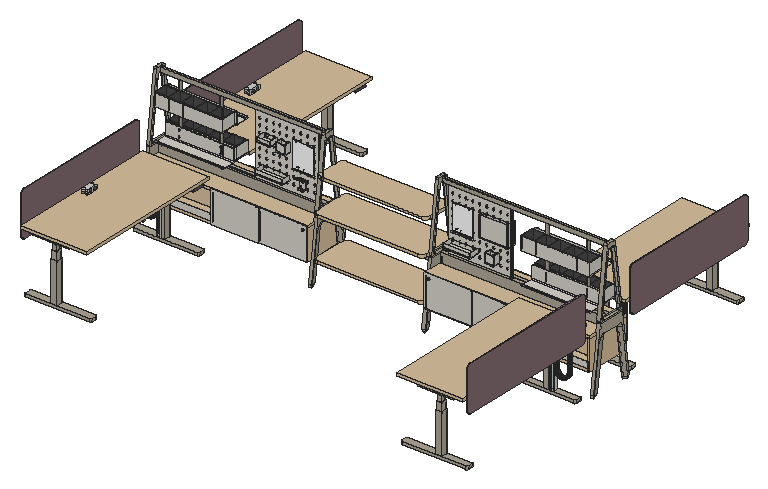
Revit family "Layout-Teknion-Expansion_Cityline_Upper_Structure_01-R2021", category Furniture Systems, Revit 2021 (continued)
Definition of nested family "Storage-Teknion-JZTBS_Laminate_Shelves_EZ_Upper_A_Frame_Mounted-R2021"
  Parameters (values of type "Three Shelves")
    Product Documentation Link = "https://www.teknion.com/pricing/expansion-cityline/pdfs/JZTBS_ppg.pdf"
    Part Number = "JZTBS"  # constant formula
    Model = "JZTBSC66__"
    Manufacturer Phone = "416-661-3370"  # constant formula
    Manufacturer Fax = "416.661.4586"  # constant formula
    Manufacturer Contact Information = "http://www.teknion.com/ca/contactus"
    Manufacturer Address = "1150 Flint Road, Toronto, ON. M3J 2J5. Canada"  # constant formula
    Manufacturer = "Teknion"  # constant formula
    How To Use Teknion Materials User Guide [instance] = "https://assets.teknion.com/m/205dd0a49fa58060/original/How-to-add-a-Material-Library-and-Texture-Images-to-your-Revit-project.pdf"
    Hardware Finish [instance] = none
    For Additional Finishes please visit [instance] = "https://assets.teknion.com/m/44a8009b046e5d47/original/Teknion_Materials_Library.zip"
    Description = "Laminate Shelves - EZ Upper A-Frame Mounted - Standard Height (28\") Beam Height, Three Shelves (66\" Datum Height)"
    Default Elevation = 0.000"
    Available Width [instance] = "48, 54, 60, 66, 72, 78 & 84 Inch"  # constant formula
    Assembly Code = "E2020200"
  Types (3): name | Top Shelves | Model | Description
    (no name) | yes | "JZTBSC66__" | "Laminate Shelves - EZ Upper A-Frame Mounted - Standard Height (28\") Beam Height, Three Shelves (66\" Datum Height)"
    Two Shelves | no | "JZTBSC57__" | "Laminate Shelves - EZ Upper A-Frame Mounted - Standard Height (28\") Beam Height, Two Shelves (57\" Datum Height)"
    Three Shelves | yes | "JZTBSC66__" | "Laminate Shelves - EZ Upper A-Frame Mounted - Standard Height (28\") Beam Height, Three Shelves (66\" Datum Height)"
  Reference planes (in)
    plane 1 "Center Front/Back": y = 0
    plane 2: z = 0
    plane 3 "Center Left/Right": x = 42
    plane 4 "Left": x = 0
    plane 5 "Right": x = 84
    plane 6 "Back": y = 9
    plane 7 "Front": y = -9
    plane 8 "Top": z = 57
  Forms (in)
    Sweep 1, solid, material <- "Shelf Finish"
      path origin (0, 0, 0) x (1, 0, 0) y (0, 0, 1)
        loop
          line (42, 28.18504) -> (42, 29.20079)
      profile origin (42, 0, 28.69291) x (-1, 0, 0) y (0, -1, 0)
        loop
          line (40, 9) -> (-40, 9)
          arc (-40, 9) -> (-41.41421, 8.41421) -> (-42, 7) r 2
          line (-42, 7) -> (-42, -7)
          arc (-42, -7) -> (-41.41421, -8.41421) -> (-40, -9) r 2
          line (-40, -9) -> (40, -9)
          arc (40, -9) -> (41.41421, -8.41421) -> (42, -7) r 2
          line (42, -7) -> (42, 7)
          arc (42, 7) -> (41.41421, 8.41421) -> (40, 9) r 2
    Sweep 2, solid, material <- "Hardware Finish"
      path origin (0, 0, 0) x (1, 0, 0) y (0, 1, 0)
        loop
          line (0, 0) -> (84, 0)
      profile origin (42, 0, 0) x (0, 1, 0) y (0, 0, 1)
        loop
          line (3.48848, 42.08465) -> (3.6051, 41.19882) -> (4.11529, 41.19882) -> (3.99867, 42.08465) -> (3.48848, 42.08465)
        loop
          line (-3.48848, 42.08465) -> (-3.99867, 42.08465) -> (-4.11529, 41.19882) -> (-3.6051, 41.19882) -> (-3.48848, 42.08465)
    Sweep 3, solid, material <- "Shelf Finish"
      path origin (0, 0, 0) x (1, 0, 0) y (0, 0, 1)
        loop
          line (42, 43.10039) -> (42, 42.08465)
      profile origin (42, 0, 42.59252) x (0, -1, 0) y (1, 0, 0)
        loop
          line (-7, 40) -> (-7, -40)
          arc (-7, -40) -> (-6.41421, -41.41421) -> (-5, -42) r 2
          line (-5, -42) -> (5, -42)
          arc (5, -42) -> (6.41421, -41.41421) -> (7, -40) r 2
          line (7, -40) -> (7, 40)
          arc (7, 40) -> (6.41421, 41.41421) -> (5, 42) r 2
          line (5, 42) -> (-5, 42)
          arc (-5, 42) -> (-6.41421, 41.41421) -> (-7, 40) r 2
    Sweep 4, solid, material <- "Hardware Finish"
      path origin (0, 0, 0) x (1, 0, 0) y (0, 1, 0)
        loop
          line (-0.3937, 0) -> (0, 0)
      profile origin (-0.19685, 0, 0) x (0, 1, 0) y (0, 0, 1)
        loop
          circle (-3.80188, 41.64023) r 0.15746
        loop
          circle (3.80188, 41.64173) r 0.15748
    Sweep 5, solid, material <- "Hardware Finish"
      path origin (0, 0, 0) x (1, 0, 0) y (0, 1, 0)
        loop
          line (84, 0) -> (84.3937, 0)
      profile origin (84.19685, 0, 0) x (0, 1, 0) y (0, 0, 1)
        loop
          circle (-3.80188, 41.64023) r 0.15746
        loop
          circle (3.80188, 41.64173) r 0.15748
    Sweep 6, solid, material <- "Shelf Finish", visible <- "Top Shelves"
      path origin (0, 0, 0) x (1, 0, 0) y (0, 0, 1)
        loop
          line (42, 57) -> (42, 55.98425)
      profile origin (42, 0, 56.49213) x (0, -1, 0) y (1, 0, 0)
        loop
          line (-5, 40) -> (-5, -40)
          arc (-5, -40) -> (-4.41421, -41.41421) -> (-3, -42) r 2
          line (-3, -42) -> (3, -42)
          arc (3, -42) -> (4.41421, -41.41421) -> (5, -40) r 2
          line (5, -40) -> (5, 40)
          arc (5, 40) -> (4.41421, 41.41421) -> (3, 42) r 2
          line (3, 42) -> (-3, 42)
          arc (-3, 42) -> (-4.41421, 41.41421) -> (-5, 40) r 2
    Sweep 7, solid, material <- "Hardware Finish", visible <- "Top Shelves"
      path origin (0, 0, 0) x (1, 0, 0) y (0, 1, 0)
        loop
          line (0, 0) -> (84, 0)
      profile origin (42, 0, 0) x (0, 1, 0) y (0, 0, 1)
        loop
          line (1.77518, 55.09843) -> (2.28537, 55.09843) -> (2.16875, 55.98425) -> (1.65856, 55.98425) -> (1.77518, 55.09843)
        loop
          line (-2.28537, 55.09843) -> (-1.77518, 55.09843) -> (-1.65856, 55.98425) -> (-2.16875, 55.98425) -> (-2.28537, 55.09843)
    Sweep 8, solid, material <- "Hardware Finish", visible <- "Top Shelves"
      path origin (0, 0, 0) x (1, 0, 0) y (0, 1, 0)
        loop
          line (-0.3937, 0) -> (0, 0)
      profile origin (-0.19685, 0, 0) x (0, 1, 0) y (0, 0, 1)
        loop
          circle (1.97196, 55.54134) r 0.15748
        loop
          circle (-1.97196, 55.54134) r 0.15748
    Sweep 9, solid, material <- "Hardware Finish", visible <- "Top Shelves"
      path origin (0, 0, 0) x (1, 0, 0) y (0, 1, 0)
        loop
          line (84.3937, 0) -> (84, 0)
      profile origin (84.19685, 0, 0) x (0, -1, 0) y (0, 0, 1)
        loop
          circle (1.97196, 55.54134) r 0.15748
        loop
          circle (-1.97196, 55.54134) r 0.15748
  Cuts and joins
    joined: Sweep 7, Sweep 8, Sweep 9
    joined: Sweep 2, Sweep 4, Sweep 5
  Lines and regions (in)
    Masking region 1
      outline origin (0, 0, 0) x (1, 0, 0) y (0, 1, 0)
        loop
          line (2, -9) -> (82, -9)
          arc (82, -9) -> (83.41421, -8.41421) -> (84, -7) r 2
          line (84, -7) -> (84, -3.95934) -> (84.3937, -3.95934) -> (84.3937, -3.64442) -> (84, -3.64442) -> (84, 3.6444) -> (84.3937, 3.6444) -> (84.3937, 3.95936) -> (84, 3.95936) -> (84, 7)
          arc (84, 7) -> (83.41421, 8.41421) -> (82, 9) r 2
          line (82, 9) -> (2, 9)
          arc (2, 9) -> (0.58579, 8.41421) -> (0, 7) r 2
          line (0, 7) -> (0, 3.95936) -> (-0.3937, 3.95936) -> (-0.3937, 3.6444) -> (0, 3.6444) -> (0, -3.64442) -> (-0.3937, -3.64442) -> (-0.3937, -3.95934) -> (0, -3.95934) -> (0, -7)
          arc (0, -7) -> (0.58579, -8.41421) -> (2, -9) r 2
    Masking region 2, visible <- "Top Shelves"
      outline origin (0, 0, 0) x (1, 0, 0) y (0, 1, 0)
        loop
          line (84, 2.12944) -> (84, 1.81448) -> (84.3937, 1.81448) -> (84.3937, 2.12944) -> (84, 2.12944)
        loop
          line (84, -2.12944) -> (84.3937, -2.12944) -> (84.3937, -1.81448) -> (84, -1.81448) -> (84, -2.12944)
        loop
          line (-0.3937, 2.12944) -> (-0.3937, 1.81448) -> (0, 1.81448) -> (0, 2.12944) -> (-0.3937, 2.12944)
        loop
          line (-0.3937, -1.81448) -> (-0.3937, -2.12944) -> (0, -2.12944) -> (0, -1.81448) -> (-0.3937, -1.81448)
    symbolic lines
      curve 1: line (0, 7, 0) -> (0, -7, 0)
      curve 2: line (84, -7, 0) -> (84, 7, 0)
      curve 3: line (82, 7, 0) -> (2, 7, 0)
      curve 4: arc (2, 7, 0) -> (0.58579, 6.41421, 0) -> (0, 5, 0) r 2
      curve 5: arc (84, 5, 0) -> (83.41421, 6.41421, 0) -> (82, 7, 0) r 2
      curve 6: line (2, -7, 0) -> (82, -7, 0)
      curve 7: arc (0, -5, 0) -> (0.58579, -6.41421, 0) -> (2, -7, 0) r 2
      curve 8: arc (82, -7, 0) -> (83.41421, -6.41421, 0) -> (84, -5, 0) r 2
    symbolic lines, detail levels medium+fine
      curve 9: line (84, 4.11529, 0) -> (0, 4.11529, 0)
      curve 10: line (84, 3.99867, 0) -> (0, 3.99867, 0)
      curve 11: line (84, 3.48848, 0) -> (0, 3.48848, 0)
      curve 12: line (0, 3.6051, 0) -> (84, 3.6051, 0)
      curve 13: line (84, -4.11529, 0) -> (0, -4.11529, 0)
      curve 14: line (0, -3.99867, 0) -> (84, -3.99867, 0)
      curve 15: line (84, -3.6051, 0) -> (0, -3.6051, 0)
      curve 16: line (84, -3.48848, 0) -> (0, -3.48848, 0)
    symbolic lines, visible <- "Top Shelves", detail levels medium+fine
      curve 17: line (0, 2.28537, 0) -> (84, 2.28537, 0)
      curve 18: line (84, 2.16875, 0) -> (0, 2.16875, 0)
      curve 19: line (84, 1.65856, 0) -> (0, 1.65856, 0)
      curve 20: line (84, 1.77518, 0) -> (0, 1.77518, 0)
      curve 21: line (84, -2.16875, 0) -> (0, -2.16875, 0)
      curve 22: line (84, -2.28537, 0) -> (0, -2.28537, 0)
      curve 23: line (84, -1.65856, 0) -> (0, -1.65856, 0)
      curve 24: line (0, -1.77518, 0) -> (84, -1.77518, 0)
    symbolic lines, visible <- "Top Shelves"
      curve 25: line (82, 5, 0) -> (2, 5, 0)
      curve 26: line (2, -5, 0) -> (82, -5, 0)
      curve 27: arc (2, 5, 0) -> (0.58579, 4.41421, 0) -> (0, 3, 0) r 2
      curve 28: arc (0, -3, 0) -> (0.58579, -4.41421, 0) -> (2, -5, 0) r 2
      curve 29: arc (82, -5, 0) -> (83.41421, -4.41421, 0) -> (84, -3, 0) r 2
      curve 30: arc (84, 3, 0) -> (83.41421, 4.41421, 0) -> (82, 5, 0) r 2
    reference lines
      curve 31: line (0, -9, 0) -> (84, -9, 0)
      curve 32: line (0, 9, 0) -> (0, -9, 0)
      curve 33: line (0, 9, 0) -> (84, 9, 0)
      curve 34: line (84, 9, 0) -> (84, -9, 0)
  Dimensions and locks (in)
    "Width": plane 4 "Left" to plane 5 "Right"
    locked: plane 6 "Back" to plane 7 "Front" at 18
    locked: plane 8 "Top" to level at 57
    equal spacing: plane 6 "Back", plane 1 "Center Front/Back", plane 7 "Front"
    equal spacing: plane 4 "Left", plane 3 "Center Left/Right", plane 5 "Right"
    Sweep 1 sketch curve to Sweep 1 sketch curve to plane 2 = 1.01575" locked, 28.18504" locked
    locked: plane 4 "Left" to Sweep 1 sketch curve at 2  (x2)
    locked: Sweep 1 sketch curve to plane 5 "Right" at 2  (x2)
    locked: plane 6 "Back" to Sweep 1 sketch curve at 2  (x2)
    locked: plane 7 "Front" to Sweep 1 sketch curve at 2  (x2)
    Sweep 2 sketch curve to Sweep 2 sketch curve to plane 2 = 0.88583" locked, 41.19882" locked
    Sweep 2 sketch curve to Sweep 2 sketch curve to Sweep 2 sketch curve to Sweep 2 sketch curve to plane 1 "Center Front/Back" to Sweep 2 sketch curve to Sweep 2 sketch curve to Sweep 2 sketch curve to Sweep 2 sketch curve = 0.11662" locked, 0.39357" locked, 0.11662" locked, 3.48848" locked, 3.48848" locked, 0.11662" locked, 0.39357" locked, 0.11662" locked
    Sweep 3 sketch curve to Sweep 3 sketch curve to plane 2 = 1.01575" locked, 42.08465" locked
    Sweep 3 sketch curve to plane 1 "Center Front/Back" to Sweep 3 sketch curve = 7.000" locked, 7.000" locked
    locked: plane 4 "Left" to Sweep 3 sketch curve at 2  (x2)
    Sweep 3 sketch curve to plane 1 "Center Front/Back" to Sweep 3 sketch curve = 5.000" locked, 5.000" locked  (x2)
    locked: Sweep 3 sketch curve to plane 5 "Right" at 2  (x2)
    locked: Sweep 4 sketch curve to plane 4 "Left" at 0.3937
    locked: Sweep 4 sketch curve to plane 2 at 41.64173
    locked: Sweep 4 sketch curve to plane 2 at 41.64023
    Sweep 4 sketch curve to plane 1 "Center Front/Back" to Sweep 4 sketch curve = 3.80188" locked, 3.80188" locked
    locked: plane 5 "Right" to Sweep 5 sketch curve at 0.3937
    Sweep 5 sketch curve to plane 1 "Center Front/Back" to Sweep 5 sketch curve = 3.80188" locked, 3.80188" locked
    locked: Sweep 5 sketch curve to plane 2 at 41.64023
    locked: Sweep 5 sketch curve to plane 2 at 41.64173
    locked: plane 8 "Top" to Sweep 6 sketch curve at 1.01575
    Sweep 6 sketch curve to plane 1 "Center Front/Back" to Sweep 6 sketch curve = 5.000" locked, 5.000" locked
    locked: plane 4 "Left" to Sweep 6 sketch curve at 2  (x2)
    locked: Sweep 6 sketch curve to plane 5 "Right" at 2  (x2)
    Sweep 6 sketch curve to plane 1 "Center Front/Back" to Sweep 6 sketch curve = 3.000" locked, 3.000" locked  (x2)
    Sweep 7 sketch curve to Sweep 7 sketch curve to plane 2 = 0.88583" locked, 55.09843" locked
    Sweep 7 sketch curve to Sweep 7 sketch curve to Sweep 7 sketch curve to Sweep 7 sketch curve to plane 1 "Center Front/Back" to Sweep 7 sketch curve to Sweep 7 sketch curve to Sweep 7 sketch curve to Sweep 7 sketch curve = 0.11662" locked, 0.39357" locked, 0.11662" locked, 1.65856" locked, 1.65856" locked, 0.11662" locked, 0.39357" locked, 0.11662" locked
    locked: Sweep 8 sketch curve to plane 4 "Left" at 0.3937
    Sweep 8 sketch curve to plane 1 "Center Front/Back" to Sweep 8 sketch curve = 1.97196" locked, 1.97196" locked
    locked: Sweep 8 sketch curve to plane 2 at 55.54134  (x2)
    locked: plane 5 "Right" to Sweep 9 sketch curve at 0.3937
    Sweep 9 sketch curve to plane 1 "Center Front/Back" to Sweep 9 sketch curve = 1.97196" locked, 1.97196" locked
    locked: Sweep 9 sketch curve to plane 2 at 55.54134  (x2)
    aligned and locked: level to plane 2
    aligned and locked: plane 3 "Center Left/Right" to Sweep 1 sketch curve
    aligned and locked: plane 6 "Back" to Sweep 1 sketch curve
    aligned and locked: plane 7 "Front" to Sweep 1 sketch curve
    aligned and locked: Sweep 1 sketch curve to plane 4 "Left"
    aligned and locked: Sweep 1 sketch curve to plane 5 "Right"
    aligned and locked: plane 1 "Center Front/Back" to Sweep 2 sketch curve
    aligned and locked: plane 4 "Left" to Sweep 2 sketch curve
    aligned and locked: plane 5 "Right" to Sweep 2 sketch curve
    aligned and locked: Sweep 2 sketch curve to Sweep 2 sketch curve  (x2)
    aligned and locked: Sweep 3 sketch curve to plane 3 "Center Left/Right"
    aligned and locked: Sweep 3 sketch curve to plane 4 "Left"
    aligned and locked: Sweep 3 sketch curve to plane 5 "Right"
    aligned and locked: plane 4 "Left" to Sweep 4 sketch curve
    aligned and locked: Sweep 4 sketch curve to plane 1 "Center Front/Back"
    aligned and locked: plane 1 "Center Front/Back" to Sweep 5 sketch curve
    aligned and locked: plane 5 "Right" to Sweep 5 sketch curve
    aligned and locked: Sweep 6 sketch curve to plane 3 "Center Left/Right"
    aligned and locked: plane 8 "Top" to Sweep 6 sketch curve
    aligned and locked: Sweep 6 sketch curve to plane 4 "Left"
    aligned and locked: Sweep 6 sketch curve to plane 5 "Right"
    aligned and locked: plane 1 "Center Front/Back" to Sweep 7 sketch curve
    aligned and locked: plane 4 "Left" to Sweep 7 sketch curve
    aligned and locked: plane 5 "Right" to Sweep 7 sketch curve
    aligned and locked: Sweep 7 sketch curve to Sweep 7 sketch curve  (x2)
    aligned and locked: plane 4 "Left" to Sweep 8 sketch curve
    aligned and locked: Sweep 8 sketch curve to plane 1 "Center Front/Back"
    aligned and locked: plane 5 "Right" to Sweep 9 sketch curve
    aligned and locked: Sweep 9 sketch curve to plane 1 "Center Front/Back"
    aligned and locked: Masking region 1 sketch curve to Sweep 1  (x4)
    aligned and locked: Sweep 3 to Masking region 1 sketch curve  (x2)
    aligned and locked: Sweep 1 to Masking region 1 sketch curve
    aligned and locked: Masking region 1 sketch curve to Sweep 4  (x5)
    aligned and locked: Sweep 4 to Masking region 1 sketch curve
    aligned and locked: curve 4 to Sweep 3
    aligned and locked: curve 5 to Sweep 3
    aligned and locked: curve 7 to Sweep 3
    aligned and locked: curve 8 to Sweep 3
    aligned and locked: curve 9 to Sweep 2
    aligned and locked: curve 10 to Sweep 2
    aligned and locked: curve 11 to Sweep 2
    aligned and locked: curve 12 to Sweep 2
    aligned and locked: curve 13 to Sweep 2
    aligned and locked: curve 14 to Sweep 2
    aligned and locked: curve 15 to Sweep 2
    aligned and locked: curve 16 to Sweep 2
    aligned and locked: nested 1 to plane 1 "Center Front/Back"
    aligned and locked: plane 4 "Left" to nested 1
    aligned and locked: plane 1 "Center Front/Back" to nested 2
    aligned and locked: nested 2 to plane 5 "Right"
    aligned and locked: curve 17 to Sweep 7
    aligned and locked: curve 18 to Sweep 7
    aligned and locked: curve 19 to Sweep 7
    aligned and locked: curve 20 to Sweep 7
    aligned and locked: curve 21 to Sweep 7
    aligned and locked: curve 22 to Sweep 7
    aligned and locked: curve 23 to Sweep 7
    aligned and locked: curve 24 to Sweep 7
    aligned and locked: curve 27 to Sweep 6
    aligned and locked: curve 28 to Sweep 6
    aligned and locked: curve 29 to Sweep 6
    aligned and locked: curve 30 to Sweep 6
    aligned and locked: Masking region 2 sketch curve to plane 4 "Left"  (x2)
    aligned and locked: Masking region 2 sketch curve to Sweep 8  (x5)
    aligned and locked: Sweep 8 to Masking region 2 sketch curve
    aligned and locked: plane 5 "Right" to Masking region 2 sketch curve
    aligned and locked: Masking region 2 sketch curve to plane 5 "Right"
    aligned and locked: Masking region 2 sketch curve to Sweep 9  (x6)
    aligned and locked: plane 7 "Front" to curve 31
    aligned and locked: curve 32 to plane 4 "Left"
    aligned and locked: curve 33 to plane 6 "Back"
    aligned and locked: curve 34 to plane 5 "Right"
    aligned and locked: Masking region 1 sketch curve to cut or joined group of Sweep 2, Sweep 4, Sweep 5  (x6)
  Automatic sketch dimensions
    Sweep 4 sketch curve to Sweep 4 sketch curve = 0.0015"
    Sweep 4 sketch curve to Sweep 4 sketch curve = 0.15746"
    Sweep 4 sketch curve to Sweep 4 sketch curve = 0.15748"
    Sweep 4 sketch curve to Sweep 4 sketch curve = 0.000"  (x3)
    Sweep 5 sketch curve to Sweep 5 sketch curve = 0.15746"
    Sweep 5 sketch curve to Sweep 5 sketch curve = 0.000"  (x4)
    Sweep 5 sketch curve to Sweep 5 sketch curve = 0.15748"
    Sweep 8 sketch curve to Sweep 8 sketch curve = 0.15748"  (x2)
    Sweep 8 sketch curve to Sweep 8 sketch curve = 0.000"  (x4)
    Sweep 9 sketch curve to Sweep 9 sketch curve = 0.000"  (x4)
    Sweep 9 sketch curve to Sweep 9 sketch curve = 0.15748"  (x2)
    Masking region 1 sketch curve to plane 7 "Front" = 2.000"
    curve 1 to plane 7 "Front" = 2.000"
    curve 1 to plane 6 "Back" = 2.000"
    curve 2 to plane 7 "Front" = 2.000"
    curve 2 to plane 6 "Back" = 2.000"
  Nested families (in)
    nested 1: "Teknion_2D_Node_Family-R2016" at (0, 0, 0), type "Teknion_2D_Node_Family-R2016"
    nested 2: "Teknion_2D_Node_Family-R2016" at (84, 0, 0), type "Teknion_2D_Node_Family-R2016"
  Definition of nested family "Teknion_2D_Node_Family-R2016"
    Reference planes (in)
      plane 1 "Center (Front/Back)": y = 0
      plane 2: z = 0
      plane 3 "Center (Left/Right)": x = 0
    Lines and regions (in)
      detail lines, in view "Ref. Level"
        curve 1: circle (0, 0, 0) r 1.25 normal (0, 0, 1)
        curve 2: line (1.91508, -1.91508, 0) -> (-1.91508, 1.91508, 0)
        curve 3: line (-1.91508, -1.91508, 0) -> (1.91508, 1.91508, 0)
Definition of nested family "Desk_Structure-Teknion-JZSBB_EZ_Fence_Beam-R2021"
  Parameters (values of type "Power Only – Two Sides")
    Width [instance] = 84.000"
    Warranty = "http://www.teknion.com/ca/papers/legal-canada"
    Unit Weight URL = "http://www.teknion.com/ca/tools/assets#&asset=bee6a381-b954-425e-8283-5a2de3a804f2,f828d448-4b62-4231-9e5f-9a8991c0ed77"
    URL = "www.teknion.com"
    To render please download texture images found here [instance] = "https://assets.teknion.com/web/5e81352c1dfdb467/revit-material-swatches/"
    Sustainability Data = "https://www.teknion.com/ca/tools/assets#&topic=216f99a5-57a0-44fc-b10a-9dee9b29ae4c&asset=444deb64-fe58-4b68-981e-f75e97781df7,b4ff2d81-9f2e-437d-9659-7cffb09c31cf"
    Series = "Expansion Cityline"  # constant formula
    Screen Cut-Out [instance] = if([EZ Add-On Screen], 1.000", 0.500")  # 0.500"
    Right Power Opening Cut out [instance] = if(and(Right Opening Position, Power Opening, One sided Opening), 0.900", if(and(Right Opening Position, Power Opening, Two Sided Opening), 4.000", 0.100"))  # 4.000"
    Right Opening Position [instance] = yes
    Right Data Opening Cut out [instance] = if(and(Right Opening Position, Data Opening, One sided Opening), 0.900", if(and(Right Opening Position, Data Opening, Two Sided Opening), 4.000", 0.100"))  # 0.100"
    Product Page URL = "https://www.teknion.com/ca/products/product-details?productlineid=9ad2a26e-8e7a-673b-a6c8-ff05004460c4"
    Product Line = "EZ Fence Structure"  # constant formula
    Product Documentation Link = "https://www.teknion.com/pricing/expansion-cityline/pdfs/JZSBB_ppg.pdf"
    Power and Data Openning Option [instance] = "Please select one configuration below"  # constant formula
    Power Opening = yes
    Part Number = "JZSBB"  # constant formula
    Two Sided Opening = yes
    One sided Opening = no
    No Screen [instance] = not(or([EZ Add-On Screen], Lift & Drop Tile))  # no
    Model = "JZSBB___PT_"
    Manufacturer Phone = "416-661-3370"  # constant formula
    Manufacturer Fax = "416.661.4586"  # constant formula
    Manufacturer Contact Information = "http://www.teknion.com/ca/contactus"
    Manufacturer Address = "1150 Flint Road, Toronto, ON. M3J 2J5. Canada"  # constant formula
    Manufacturer = "Teknion"  # constant formula
    Lift & Drop Tile Cut-Out [instance] = if(Lift & Drop Tile, 85.000", 0.500")  # 85.000"
    Lift & Drop Tile [instance] = yes
    Left Power Opening Cut Out [instance] = if(and(Left Opening Position, Power Opening, One sided Opening), 0.900", if(and(Left Opening Position, Power Opening, Two Sided Opening), 4.000", 0.100"))  # 4.000"
    Left Opening Position [instance] = yes
    Left Data Opening Cut out [instance] = if(and(Left Opening Position, Data Opening, One sided Opening), 0.900", if(and(Left Opening Position, Data Opening, Two Sided Opening), 4.000", 0.090"))  # 0.090"
    How To Use Teknion Materials User Guide [instance] = "https://assets.teknion.com/m/205dd0a49fa58060/original/How-to-add-a-Material-Library-and-Texture-Images-to-your-Revit-project.pdf"
    For Additional Finishes please visit [instance] = "https://assets.teknion.com/m/44a8009b046e5d47/original/Teknion_Materials_Library.zip"
    Finish [instance] = none
    EZ Add-On Screen [instance] = no
    Description = "EZ Fence Beam, Power Only – Two Sides"
    Default Elevation = 0.000"
    Database Notes [instance] = "When Power and Data Opening (NN) is selected, then Opening Position C-L-R are not available. When Power and Data Opening (DO) - (DT) - (PO) - (PT) is selected, then Opening Position N is not available. When width 48-54-60 and Power and Data Opening (DO) - (DT) - (PO) - (PT) are selected, then Opening Position C is not available "  # constant formula
    Data Opening = no
    Configuration Option [instance] = "Please select one configuration below"  # constant formula
    Center Power Opening Cut Out [instance] = if(and(Center Opening Position, Power Opening, One sided Opening, Width > 60.000"), 0.900", if(and(Center Opening Position, Power Opening, Two Sided Opening, Width > 60.000"), 4.000", 0.100"))  # 4.000"
    Center Opening Position [instance] = yes
    Center Data Opening Cut Out [instance] = if(and(Center Opening Position, Data Opening, One sided Opening, Width > 60.000"), 0.900", if(and(Center Opening Position, Data Opening, Two Sided Opening, Width > 60.000"), 4.000", 0.090"))  # 0.090"
    Available Width [instance] = "48, 54, 60, 66,72, 78, 84 Inch"  # constant formula
    Assembly Code = "E2020200"
    Actual Width [instance] = Width + 0.157"  # 84.157"
    2D Right Power two sided opening [instance] = and(Power Opening, Right Opening Position, Two Sided Opening)  # yes
    2D Right Power one sided opening [instance] = or([2D Right Power two sided opening], and(Power Opening, Right Opening Position, One sided Opening))  # yes
    2D Right Data two sided opening [instance] = and(Data Opening, Right Opening Position, Two Sided Opening)  # no
    2D Right Data one sided opening [instance] = or([2D Right Data two sided opening], and(Data Opening, Right Opening Position, One sided Opening))  # no
    2D Left Power two sided opening [instance] = and(Power Opening, Left Opening Position, Two Sided Opening)  # yes
    2D Left Power one sided opening [instance] = or([2D Left Power two sided opening], and(Power Opening, Left Opening Position, One sided Opening))  # yes
    2D Left Data two sided opening [instance] = and(Data Opening, Left Opening Position, Two Sided Opening)  # no
    2D Left Data one sided opening [instance] = or([2D Left Data two sided opening], and(Data Opening, Left Opening Position, One sided Opening))  # no
    2D Center Data two sided opening [instance] = and(Data Opening, Center Opening Position, Two Sided Opening)  # no
    2D Center Data one sided opening [instance] = or([2D Center Data two sided opening], and(Data Opening, Center Opening Position, One sided Opening))  # no
    2D Center Power two sided opening [instance] = and(Power Opening, Center Opening Position, Two Sided Opening)  # yes
    2D Center Power one sided opening [instance] = or([2D Center Power two sided opening], and(Power Opening, Center Opening Position, One sided Opening))  # yes
  Types (6): name | Screen Cut-Out | Right Power Opening Cut out | Right Opening Position | Right Data Opening Cut out | Power Opening | Two Sided Opening | One sided Opening | No Screen | Model | Lift & Drop Tile Cut-Out | Lift & Drop Tile | Left Power Opening Cut Out | Left Opening Position | Left Data Opening Cut out | EZ Add-On Screen | Description | Data Opening | Center Power Opening Cut Out | Center Opening Position | Center Data Opening Cut Out | 2D Right Power two sided opening | 2D Right Power one sided opening | 2D Right Data two sided opening | 2D Right Data one sided opening | 2D Left Power two sided opening | 2D Left Power one sided opening | 2D Left Data two sided opening | 2D Left Data one sided opening | 2D Center Data two sided opening | 2D Center Data one sided opening | 2D Center Power two sided opening | 2D Center Power one sided opening
    (no name) | 0.500" | 4.000" | yes | 0.100" | yes | yes | no | no | "JZSBB___PT_" | 85.000" | yes | 4.000" | yes | 0.090" | no | "EZ Fence Beam, Power Only – Two Sides" | no | 4.000" | yes | 0.090" | yes | yes | no | no | yes | yes | no | no | no | no | yes | yes
    No Opening | 1.000" | 0.100" | no | 0.100" | no | no | no | no | "JZSBB___NN_" | 0.500" | no | 0.100" | no | 0.090" | yes | "EZ Fence Beam, No Opening" | no | 0.100" | no | 0.090" | no | no | no | no | no | no | no | no | no | no | no | no
    Power & Data – One Side | 0.500" | 0.900" | yes | 0.900" | yes | no | yes | no | "JZSBB___DO_" | 85.000" | yes | 0.900" | yes | 0.900" | no | "EZ Fence Beam, Power & Data – One Side" | yes | 0.100" | no | 0.090" | no | yes | no | yes | no | yes | no | yes | no | no | no | no
    Power & Data – Two Sides | 0.500" | 4.000" | yes | 4.000" | yes | yes | no | yes | "JZSBB___DT_" | 0.500" | no | 4.000" | yes | 4.000" | no | "EZ Fence Beam, Power & Data – Two Sides" | yes | 4.000" | yes | 4.000" | yes | yes | yes | yes | yes | yes | yes | yes | yes | yes | yes | yes
    Power Only – One Side | 0.500" | 0.900" | yes | 0.100" | yes | no | yes | no | "JZSBB___PO_" | 85.000" | yes | 0.900" | yes | 0.090" | no | "EZ Fence Beam, Power Only – One Side" | no | 0.900" | yes | 0.090" | no | yes | no | no | no | yes | no | no | no | no | no | yes
    Power Only – Two Sides | 0.500" | 4.000" | yes | 0.100" | yes | yes | no | no | "JZSBB___PT_" | 85.000" | yes | 4.000" | yes | 0.090" | no | "EZ Fence Beam, Power Only – Two Sides" | no | 4.000" | yes | 0.090" | yes | yes | no | no | yes | yes | no | no | no | no | yes | yes
  Reference planes (in)
    plane 1 "Center Front/Back": y = 0
    plane 2: z = 0
    plane 3 "Center Left/Right": x = 43.65748
    plane 4 "Left": x = 1.57898
    plane 5 "Right": x = 85.73598
    plane 6 "Back": y = 1.69291
    plane 7 "Front": y = -1.69291
    plane 8 "Top": z = 28.18504
  Forms (in)
    Sweep 1, solid, material <- "Finish"
      path origin (0, 0, 0) x (1, 0, 0) y (0, 1, 0)
        loop
          line (85.73598, 0) -> (1.57898, 0)
      profile origin (43.65748, 0, 0) x (0, -1, 0) y (0, 0, 1)
        loop
          line (-1.69291, 28.18504) -> (-1.69291, 23.3189) -> (-1.51575, 23.3189) -> (-1.51575, 27.37795) -> (-1.26575, 27.37795) -> (-1.26575, 27.63386) -> (1.26575, 27.63386) -> (1.26575, 27.37795) -> (1.51575, 27.37795) -> (1.51575, 23.3189) -> (1.69291, 23.3189) -> (1.69291, 28.18504) -> (-1.69291, 28.18504)
    Sweep 2, void
      path origin (0, 0, 0) x (1, 0, 0) y (0, 1, 0)
        loop
          line (85.73622, 0) -> (0.73622, 0)
      profile origin (43.23622, 0, 0) x (0, -1, 0) y (0, 0, 1)
        loop
          line (0.27559, 28.18504) -> (-0.27559, 28.18504) -> (-0.27559, 27.79134) -> (0.27559, 27.79134) -> (0.27559, 28.18504)
    Sweep 3, void
      path origin (0, 0, 0) x (1, 0, 0) y (0, 0, 1)
        loop
          line (43.65748, 28.19291) -> (43.65748, 28.69291)
      profile origin (43.65748, 0, 28.44291) x (-1, 0, 0) y (0, -1, 0)
        loop
          line (38.61417, -0.7874) -> (38.61417, 0.7874) -> (33.69291, 0.7874) -> (33.69291, -0.7874) -> (38.61417, -0.7874)
        loop
          line (2.46063, -0.7874) -> (2.46063, 0.7874) -> (-2.46063, 0.7874) -> (-2.46063, -0.7874) -> (2.46063, -0.7874)
        loop
          line (-33.69291, -0.7874) -> (-33.69291, 0.7874) -> (-38.61417, 0.7874) -> (-38.61417, -0.7874) -> (-33.69291, -0.7874)
    Sweep 4, solid
      path origin (0, 0, 0) x (1, 0, 0) y (0, 0, 1)
        loop
          line (6.02756, 27.25984) -> (6.02756, 27.37795)
      profile origin (6.02756, 0, 27.3189) x (-1, 0, 0) y (0, -1, 0)
        loop
          line (2.85433, -1.51575) -> (3.67411, -0.69597)
          arc (3.67411, -0.69597) -> (3.38573, 0) -> (3.67411, 0.69597) r 0.98402
          line (3.67411, 0.69597) -> (2.85433, 1.51575) -> (0, 1.51575) -> (0, -1.51575) -> (2.85433, -1.51575)
    Sweep 5, solid
      path origin (0, 0, -3.47244) x (1, 0, 0) y (0, 0, 1)
        loop
          line (6.02756, 27.25984) -> (6.02756, 27.37795)
      profile origin (6.02756, 0, 23.84646) x (-1, 0, 0) y (0, -1, 0)
        loop
          line (2.85433, -1.51575) -> (3.67411, -0.69597)
          arc (3.67411, -0.69597) -> (3.38573, 0) -> (3.67411, 0.69597) r 0.98402
          line (3.67411, 0.69597) -> (2.85433, 1.51575) -> (0, 1.51575) -> (0, -1.51575) -> (2.85433, -1.51575)
    Sweep 6, solid
      path origin (87.31496, 0, 0) x (-1, 0, 0) y (0, 0, 1)
        loop
          line (6.02756, 27.25984) -> (6.02756, 27.37795)
      profile origin (81.2874, 0, 27.3189) x (-1, 0, 0) y (0, -1, 0)
        loop
          line (-2.85433, -1.51575) -> (0, -1.51575) -> (0, 1.51575) -> (-2.85433, 1.51575) -> (-3.67411, 0.69597)
          arc (-3.67411, 0.69597) -> (-3.38573, 0) -> (-3.67411, -0.69597) r 0.98402
          line (-3.67411, -0.69597) -> (-2.85433, -1.51575)
    Sweep 7, solid
      path origin (87.31496, 0, -3.47244) x (-1, 0, 0) y (0, 0, 1)
        loop
          line (6.02756, 27.25984) -> (6.02756, 27.37795)
      profile origin (81.2874, 0, 23.84646) x (-1, 0, 0) y (0, -1, 0)
        loop
          line (-2.85433, -1.51575) -> (0, -1.51575) -> (0, 1.51575) -> (-2.85433, 1.51575) -> (-3.67411, 0.69597)
          arc (-3.67411, 0.69597) -> (-3.38573, 0) -> (-3.67411, -0.69597) r 0.98402
          line (-3.67411, -0.69597) -> (-2.85433, -1.51575)
    Sweep 8, void
      path origin (0, 0, 0) x (1, 0, 0) y (0, 1, 0)
        loop
          line (43.65748, -1.69313) -> (43.65748, -1.78313)
      profile origin (43.65748, -1.73813, 0) x (1, 0, 0) y (0, 0, 1)
        loop
          arc (-1.59449, 27.14173) -> (-1.678, 27.10714) -> (-1.7126, 27.02362) r 0.11811
          line (-1.7126, 27.02362) -> (-1.7126, 25.13386)
          arc (-1.7126, 25.13386) -> (-1.678, 25.05034) -> (-1.59449, 25.01575) r 0.11811
          line (-1.59449, 25.01575) -> (1.59449, 25.01575)
          arc (1.59449, 25.01575) -> (1.678, 25.05034) -> (1.7126, 25.13386) r 0.11811
          line (1.7126, 25.13386) -> (1.7126, 27.02362)
          arc (1.7126, 27.02362) -> (1.678, 27.10714) -> (1.59449, 27.14173) r 0.11811
          line (1.59449, 27.14173) -> (-1.59449, 27.14173)
    Sweep 9, void
      path origin (0, 0, 0) x (1, 0, 0) y (0, 1, 0)
        loop
          line (43.65748, 2.20691) -> (43.65748, -1.79309)
      profile origin (43.65748, 0.20691, 0) x (1, 0, 0) y (0, 0, 1)
        loop
          arc (-5.19882, 26.97441) -> (-5.28234, 26.93982) -> (-5.31693, 26.8563) r 0.11811
          line (-5.31693, 26.8563) -> (-5.31693, 25.26181)
          arc (-5.31693, 25.26181) -> (-5.28234, 25.17829) -> (-5.19882, 25.1437) r 0.11811
          line (-5.19882, 25.1437) -> (-2.50197, 25.1437)
          arc (-2.50197, 25.1437) -> (-2.41845, 25.17829) -> (-2.38386, 25.26181) r 0.11811
          line (-2.38386, 25.26181) -> (-2.38386, 26.8563)
          arc (-2.38386, 26.8563) -> (-2.41845, 26.93982) -> (-2.50197, 26.97441) r 0.11811
          line (-2.50197, 26.97441) -> (-5.19882, 26.97441)
        loop
          line (5.19882, 26.97441) -> (2.50197, 26.97441)
          arc (2.50197, 26.97441) -> (2.41845, 26.93982) -> (2.38386, 26.8563) r 0.11811
          line (2.38386, 26.8563) -> (2.38386, 25.26181)
          arc (2.38386, 25.26181) -> (2.41845, 25.17829) -> (2.50197, 25.1437) r 0.11811
          line (2.50197, 25.1437) -> (5.19882, 25.1437)
          arc (5.19882, 25.1437) -> (5.28234, 25.17829) -> (5.31693, 25.26181) r 0.11811
          line (5.31693, 25.26181) -> (5.31693, 26.8563)
          arc (5.31693, 26.8563) -> (5.28234, 26.93982) -> (5.19882, 26.97441) r 0.11811
    Sweep 10, void
      path origin (0, 0, 0) x (1, 0, 0) y (0, 1, 0)
        loop
          line (85.73598, -1.69309) -> (85.73598, -1.79309)
      profile origin (85.73598, -1.74309, 0) x (1, 0, 0) y (0, 0, 1)
        loop
          arc (-16.51551, 27.14173) -> (-16.59902, 27.10714) -> (-16.63362, 27.02362) r 0.11811
          line (-16.63362, 27.02362) -> (-16.63362, 25.13386)
          arc (-16.63362, 25.13386) -> (-16.59902, 25.05034) -> (-16.51551, 25.01575) r 0.11811
          line (-16.51551, 25.01575) -> (-13.32653, 25.01575)
          arc (-13.32653, 25.01575) -> (-13.24301, 25.05034) -> (-13.20842, 25.13386) r 0.11811
          line (-13.20842, 25.13386) -> (-13.20842, 27.02362)
          arc (-13.20842, 27.02362) -> (-13.24301, 27.10714) -> (-13.32653, 27.14173) r 0.11811
          line (-13.32653, 27.14173) -> (-16.51551, 27.14173)
    Sweep 11, void
      path origin (0, 0, 0) x (1, 0, 0) y (0, 1, 0)
        loop
          line (85.73598, 2.20691) -> (85.73598, -1.79309)
      profile origin (85.73598, 0.20691, 0) x (1, 0, 0) y (0, 0, 1)
        loop
          arc (-12.41905, 26.97441) -> (-12.50257, 26.93982) -> (-12.53716, 26.8563) r 0.11811
          line (-12.53716, 26.8563) -> (-12.53716, 25.26181)
          arc (-12.53716, 25.26181) -> (-12.50257, 25.17829) -> (-12.41905, 25.1437) r 0.11811
          line (-12.41905, 25.1437) -> (-9.7222, 25.1437)
          arc (-9.7222, 25.1437) -> (-9.63868, 25.17829) -> (-9.60409, 25.26181) r 0.11811
          line (-9.60409, 25.26181) -> (-9.60409, 26.8563)
          arc (-9.60409, 26.8563) -> (-9.63868, 26.93982) -> (-9.7222, 26.97441) r 0.11811
          line (-9.7222, 26.97441) -> (-12.41905, 26.97441)
        loop
          arc (-20.11984, 26.97441) -> (-20.20336, 26.93982) -> (-20.23795, 26.8563) r 0.11811
          line (-20.23795, 26.8563) -> (-20.23795, 25.26181)
          arc (-20.23795, 25.26181) -> (-20.20336, 25.17829) -> (-20.11984, 25.1437) r 0.11811
          line (-20.11984, 25.1437) -> (-17.42299, 25.1437)
          arc (-17.42299, 25.1437) -> (-17.33947, 25.17829) -> (-17.30488, 25.26181) r 0.11811
          line (-17.30488, 25.26181) -> (-17.30488, 26.8563)
          arc (-17.30488, 26.8563) -> (-17.33947, 26.93982) -> (-17.42299, 26.97441) r 0.11811
          line (-17.42299, 26.97441) -> (-20.11984, 26.97441)
    Sweep 12, void
      path origin (87.31496, 0, 0) x (-1, 0, 0) y (0, 1, 0)
        loop
          line (85.73598, -1.70309) -> (85.73598, -1.79309)
      profile origin (1.57898, -1.74809, 0) x (1, 0, 0) y (0, 0, 1)
        loop
          line (16.51551, 27.14173) -> (13.32653, 27.14173)
          arc (13.32653, 27.14173) -> (13.24301, 27.10714) -> (13.20842, 27.02362) r 0.11811
          line (13.20842, 27.02362) -> (13.20842, 25.13386)
          arc (13.20842, 25.13386) -> (13.24301, 25.05034) -> (13.32653, 25.01575) r 0.11811
          line (13.32653, 25.01575) -> (16.51551, 25.01575)
          arc (16.51551, 25.01575) -> (16.59902, 25.05034) -> (16.63362, 25.13386) r 0.11811
          line (16.63362, 25.13386) -> (16.63362, 27.02362)
          arc (16.63362, 27.02362) -> (16.59902, 27.10714) -> (16.51551, 27.14173) r 0.11811
    Sweep 13, void
      path origin (87.31496, 0, 0) x (-1, 0, 0) y (0, 1, 0)
        loop
          line (85.73598, 2.20691) -> (85.73598, -1.79309)
      profile origin (1.57898, 0.20691, 0) x (1, 0, 0) y (0, 0, 1)
        loop
          line (12.41905, 26.97441) -> (9.7222, 26.97441)
          arc (9.7222, 26.97441) -> (9.63868, 26.93982) -> (9.60409, 26.8563) r 0.11811
          line (9.60409, 26.8563) -> (9.60409, 25.26181)
          arc (9.60409, 25.26181) -> (9.63868, 25.17829) -> (9.7222, 25.1437) r 0.11811
          line (9.7222, 25.1437) -> (12.41905, 25.1437)
          arc (12.41905, 25.1437) -> (12.50257, 25.17829) -> (12.53716, 25.26181) r 0.11811
          line (12.53716, 25.26181) -> (12.53716, 26.8563)
          arc (12.53716, 26.8563) -> (12.50257, 26.93982) -> (12.41905, 26.97441) r 0.11811
        loop
          line (20.11984, 26.97441) -> (17.42299, 26.97441)
          arc (17.42299, 26.97441) -> (17.33947, 26.93982) -> (17.30488, 26.8563) r 0.11811
          line (17.30488, 26.8563) -> (17.30488, 25.26181)
          arc (17.30488, 25.26181) -> (17.33947, 25.17829) -> (17.42299, 25.1437) r 0.11811
          line (17.42299, 25.1437) -> (20.11984, 25.1437)
          arc (20.11984, 25.1437) -> (20.20336, 25.17829) -> (20.23795, 25.26181) r 0.11811
          line (20.23795, 25.26181) -> (20.23795, 26.8563)
          arc (20.23795, 26.8563) -> (20.20336, 26.93982) -> (20.11984, 26.97441) r 0.11811
  Cuts and joins
    Sweep 2, Sweep 3, Sweep 8, Sweep 9, Sweep 10, Sweep 11, Sweep 12, Sweep 13 cuts Sweep 1
  Lines and regions (in)
    Masking region 1
      outline origin (0, 0, 0) x (1, 0, 0) y (0, 1, 0)
        loop
          line (1.57898, 1.69291) -> (1.57898, -1.69291) -> (85.73598, -1.69291) -> (85.73598, 1.69291) -> (1.57898, 1.69291)
    symbolic lines, visible <- "EZ Add-On Screen"
      curve 1: line (9.96457, 0.7874, 0) -> (5.04331, 0.7874, 0)
      curve 2: line (5.04331, 0.7874, 0) -> (5.04331, -0.7874, 0)
      curve 3: line (5.04331, -0.7874, 0) -> (9.96457, -0.7874, 0)
      curve 4: line (9.96457, -0.7874, 0) -> (9.96457, 0.7874, 0)
      curve 5: line (41.19685, 0.7874, 0) -> (41.19685, -0.7874, 0)
      curve 6: line (46.11811, 0.7874, 0) -> (41.19685, 0.7874, 0)
      curve 7: line (41.19685, -0.7874, 0) -> (46.11811, -0.7874, 0)
      curve 8: line (46.11811, -0.7874, 0) -> (46.11811, 0.7874, 0)
      curve 9: line (77.35039, 0.7874, 0) -> (77.35039, -0.7874, 0)
      curve 10: line (82.27165, 0.7874, 0) -> (77.35039, 0.7874, 0)
      curve 11: line (77.35039, -0.7874, 0) -> (82.27165, -0.7874, 0)
      curve 12: line (82.27165, -0.7874, 0) -> (82.27165, 0.7874, 0)
    symbolic lines, visible <- "Lift & Drop Tile"
      curve 13: line (85.73598, 0.27559, 0) -> (1.57898, 0.27559, 0)
      curve 14: line (1.57898, -0.27559, 0) -> (85.73598, -0.27559, 0)
      curve 15: line (1.57898, -0.27559, 0) -> (1.57898, 0.27559, 0)
      curve 16: line (85.73598, 0.27559, 0) -> (85.73598, -0.27559, 0)
    symbolic lines, detail levels medium+fine
      curve 17: line (6.02756, 1.51575, 0) -> (3.17323, 1.51575, 0)
      curve 18: line (3.17323, 1.51575, 0) -> (2.35345, 0.69597, 0)
      curve 19: arc (2.35345, -0.69597, 0) -> (2.64183, 0, 0) -> (2.35345, 0.69597, 0) r 0.98402
      curve 20: line (2.35345, -0.69597, 0) -> (3.17323, -1.51575, 0)
      curve 21: line (3.17323, -1.51575, 0) -> (6.02756, -1.51575, 0)
      curve 22: line (6.02756, -1.51575, 0) -> (6.02756, 1.51575, 0)
      curve 23: line (81.2874, 1.51575, 0) -> (81.2874, -1.51575, 0)
      curve 24: line (84.14173, 1.51575, 0) -> (81.2874, 1.51575, 0)
      curve 25: line (84.96151, 0.69597, 0) -> (84.14173, 1.51575, 0)
      curve 26: arc (84.96151, 0.69597, 0) -> (84.67313, 0, 0) -> (84.96151, -0.69597, 0) r 0.98402
      curve 27: line (84.14173, -1.51575, 0) -> (84.96151, -0.69597, 0)
      curve 28: line (81.2874, -1.51575, 0) -> (84.14173, -1.51575, 0)
      curve 29: line (1.57898, 1.51575, 0) -> (85.73598, 1.51575, 0)
      curve 30: line (1.57898, 1.26575, 0) -> (85.73598, 1.26575, 0)
      curve 31: line (85.73598, -1.51575, 0) -> (1.57898, -1.51575, 0)
      curve 32: line (85.73598, -1.26575, 0) -> (1.57898, -1.26575, 0)
    symbolic lines, detail levels fine
      curve 33: line (85.73598, -1.51575, 0) -> (1.57898, -1.51575, 0)
      curve 34: line (1.57898, 1.51575, 0) -> (85.73598, 1.51575, 0)
      curve 35: line (85.73598, -1.51575, 0) -> (1.57898, -1.51575, 0)
    symbolic lines, visible <- "2D Right Power one sided opening", detail levels medium+fine
      curve 36: line (65.49803, -1.69291, 0) -> (65.49803, -1.51575, 0)
      curve 37: line (68.4311, -1.69291, 0) -> (68.4311, -1.51575, 0)
      curve 38: line (73.19882, -1.69291, 0) -> (73.19882, -1.51575, 0)
      curve 39: line (76.13189, -1.69291, 0) -> (76.13189, -1.51575, 0)
    symbolic lines, visible <- "2D Right Power two sided opening", detail levels medium+fine
      curve 40: line (65.49803, 1.69291, 0) -> (65.49803, 1.51575, 0)
      curve 41: line (68.4311, 1.69291, 0) -> (68.4311, 1.51575, 0)
      curve 42: line (73.19882, 1.69291, 0) -> (73.19882, 1.51575, 0)
      curve 43: line (76.13189, 1.69291, 0) -> (76.13189, 1.51575, 0)
    symbolic lines, visible <- "2D Left Power one sided opening", detail levels medium+fine
      curve 44: line (11.18307, -1.69291, 0) -> (11.18307, -1.51575, 0)
      curve 45: line (14.11614, -1.69291, 0) -> (14.11614, -1.51575, 0)
      curve 46: line (18.88386, -1.69291, 0) -> (18.88386, -1.51575, 0)
      curve 47: line (21.81693, -1.69291, 0) -> (21.81693, -1.51575, 0)
    symbolic lines, visible <- "2D Left Power two sided opening", detail levels medium+fine
      curve 48: line (21.81693, 1.69291, 0) -> (21.81693, 1.51575, 0)
      curve 49: line (18.88386, 1.69291, 0) -> (18.88386, 1.51575, 0)
      curve 50: line (14.11614, 1.69291, 0) -> (14.11614, 1.51575, 0)
      curve 51: line (11.18307, 1.69291, 0) -> (11.18307, 1.51575, 0)
    symbolic lines, visible <- "2D Center Power one sided opening", detail levels medium+fine
      curve 52: line (41.27362, -1.69291, 0) -> (41.27362, -1.51575, 0)
      curve 57: line (46.04134, -1.69291, 0) -> (46.04134, -1.51575, 0)
      curve 58: line (48.97441, -1.69291, 0) -> (48.97441, -1.51575, 0)
      curve 59: line (38.34055, -1.69291, 0) -> (38.34055, -1.51575, 0)
    symbolic lines, visible <- "2D Center Power two sided opening", detail levels medium+fine
      curve 53: line (38.34055, 1.69291, 0) -> (38.34055, 1.51575, 0)
      curve 54: line (41.27362, 1.69291, 0) -> (41.27362, 1.51575, 0)
      curve 55: line (46.04134, 1.69291, 0) -> (46.04134, 1.51575, 0)
      curve 56: line (48.97441, 1.69291, 0) -> (48.97441, 1.51575, 0)
    symbolic lines, visible <- "2D Right Data two sided opening", detail levels medium+fine
      curve 60: line (69.10236, 1.69291, 0) -> (69.10236, 1.51575, 0)
      curve 63: line (72.52756, 1.69291, 0) -> (72.52756, 1.51575, 0)
    symbolic lines, visible <- "2D Right Data one sided opening", detail levels medium+fine
      curve 61: line (69.10236, -1.69291, 0) -> (69.10236, -1.51575, 0)
      curve 62: line (72.52756, -1.69291, 0) -> (72.52756, -1.51575, 0)
    symbolic lines, visible <- "2D Left Data one sided opening", detail levels medium+fine
      curve 64: line (14.7874, -1.69291, 0) -> (14.7874, -1.51575, 0)
      curve 65: line (18.2126, -1.69291, 0) -> (18.2126, -1.51575, 0)
    symbolic lines, visible <- "2D Left Data two sided opening", detail levels medium+fine
      curve 66: line (18.2126, 1.69291, 0) -> (18.2126, 1.51575, 0)
      curve 67: line (14.7874, 1.69291, 0) -> (14.7874, 1.51575, 0)
    symbolic lines, visible <- "2D Center Data two sided opening", detail levels medium+fine
      curve 68: line (41.94488, 1.69291, 0) -> (41.94488, 1.51575, 0)
      curve 69: line (45.37008, 1.69291, 0) -> (45.37008, 1.51575, 0)
    symbolic lines, visible <- "2D Center Data one sided opening", detail levels medium+fine
      curve 70: line (41.94488, -1.69291, 0) -> (41.94488, -1.51575, 0)
      curve 71: line (45.37008, -1.69291, 0) -> (45.37008, -1.51575, 0)
    reference lines
      curve 72: line (1.57898, 1.69291, 0) -> (85.73622, 1.69291, 0)
      curve 73: line (1.57898, -1.69291, 0) -> (1.57898, 1.69291, 0)
      curve 74: line (85.73622, -1.69291, 0) -> (1.57898, -1.69291, 0)
      curve 75: line (85.73622, 1.69291, 0) -> (85.73622, -1.69291, 0)
  Dimensions and locks (in)
    "Actual Width": plane 4 "Left" to plane 5 "Right"
    plane 6 "Back" to plane 7 "Front" = 3.38583"
    plane 8 "Top" to level = 28.18504"
    equal spacing: plane 6 "Back", plane 1 "Center Front/Back", plane 7 "Front"
    equal spacing: plane 4 "Left", plane 3 "Center Left/Right", plane 5 "Right"
    Sweep 1 sketch curve to Sweep 1 sketch curve to Sweep 1 sketch curve to Sweep 1 sketch curve to Sweep 1 sketch curve = 0.17717" locked, 0.250" locked, 2.5315" locked, 0.250" locked
    Sweep 1 sketch curve to Sweep 1 sketch curve to Sweep 1 sketch curve to Sweep 1 sketch curve to Sweep 1 sketch curve to Sweep 1 sketch curve = 0.000" locked, 4.05906" locked, 0.000" locked, 0.25591" locked, 0.55118" locked
    "Lift & Drop Tile Cut-Out": Sweep 2 sketch curve to Sweep 2 sketch curve
    locked: Sweep 2 sketch curve to Sweep 2 sketch curve at 0.3937
    Sweep 2 sketch curve to plane 1 "Center Front/Back" to Sweep 2 sketch curve = 0.27559" locked, 0.27559" locked
    locked: Sweep 2 sketch curve to plane 4 "Left" at 0.84276
    "Screen Cut-Out": Sweep 3 sketch curve to Sweep 3 sketch curve
    locked: Sweep 3 sketch curve to plane 8 "Top" at 0.50787
    plane 4 "Left" to Sweep 3 sketch curve to Sweep 3 sketch curve = 3.46433" locked, 4.92126" locked
    Sweep 3 sketch curve to plane 1 "Center Front/Back" to Sweep 3 sketch curve = 0.7874" locked, 0.7874" locked  (x3)
    Sweep 3 sketch curve to plane 3 "Center Left/Right" to Sweep 3 sketch curve = 2.46063" locked, 2.46063" locked
    Sweep 3 sketch curve to Sweep 3 sketch curve to plane 5 "Right" = 4.92126" locked, 3.46433" locked
    plane 8 "Top" to Sweep 4 sketch curve to Sweep 4 sketch curve = 0.80709" locked, 0.11811" locked
    locked: Sweep 4 sketch curve to plane 4 "Left" at 4.44858
    locked: plane 4 "Left" to Sweep 4 sketch curve at 4.44858
    plane 6 "Back" to Sweep 4 sketch curve to Sweep 4 sketch curve to Sweep 4 sketch curve to Sweep 4 sketch curve = 0.17717" locked, 0.81978" locked, 1.39194" locked, 0.81978" locked
    locked: Sweep 5 sketch curve to Sweep 5 sketch curve at 0.11811
    Sweep 5 sketch curve to Sweep 5 sketch curve to Sweep 5 sketch curve to Sweep 5 sketch curve = 0.81978" locked, 1.39194" locked, 0.81978" locked
    locked: plane 8 "Top" to Sweep 5 sketch curve at 4.27953
    locked: Sweep 5 sketch curve to plane 4 "Left" at 4.44858
    locked: plane 6 "Back" to Sweep 5 sketch curve at 0.17717
    locked: plane 4 "Left" to Sweep 5 sketch curve at 4.44858
    locked: Sweep 6 sketch curve to Sweep 6 sketch curve at 0.11811
    Sweep 6 sketch curve to Sweep 6 sketch curve to Sweep 6 sketch curve to Sweep 6 sketch curve = 0.81978" locked, 1.39194" locked, 0.81978" locked
    locked: Sweep 7 sketch curve to Sweep 7 sketch curve at 0.11811
    Sweep 7 sketch curve to Sweep 7 sketch curve to Sweep 7 sketch curve to Sweep 7 sketch curve = 0.81978" locked, 1.39194" locked, 0.81978" locked
    locked: plane 8 "Top" to Sweep 6 sketch curve at 0.80709
    locked: Sweep 6 sketch curve to plane 5 "Right" at 4.44858  (x2)
    locked: plane 6 "Back" to Sweep 6 sketch curve at 0.17717
    locked: plane 8 "Top" to Sweep 7 sketch curve at 4.27953
    locked: Sweep 7 sketch curve to plane 5 "Right" at 4.44858  (x2)
    locked: plane 6 "Back" to Sweep 7 sketch curve at 0.17717
    "Center Data Opening Cut Out": Sweep 8 sketch curve to Sweep 8 sketch curve
    locked: Sweep 8 sketch curve to plane 7 "Front" at 0.09022
    Sweep 8 sketch curve to plane 3 "Center Left/Right" to Sweep 8 sketch curve = 1.7126" locked, 1.7126" locked
    plane 8 "Top" to Sweep 8 sketch curve to Sweep 8 sketch curve = 1.04331" locked, 2.12598" locked
    "Center Power Opening Cut Out": Sweep 9 sketch curve to Sweep 9 sketch curve
    Sweep 9 sketch curve to plane 7 "Front" = 0.10017"
    Sweep 9 sketch curve to Sweep 9 sketch curve to plane 3 "Center Left/Right" to Sweep 9 sketch curve to Sweep 9 sketch curve = 2.93307" locked, 2.38386" locked, 2.38386" locked, 2.93307" locked
    plane 8 "Top" to Sweep 9 sketch curve to Sweep 9 sketch curve to Sweep 9 sketch curve to Sweep 9 sketch curve = 1.21063" locked, 0.000" locked, 1.83071" locked, 0.000" locked
    locked: Sweep 10 sketch curve to plane 7 "Front" at 0.10017
    "Right Data Opening Cut out": Sweep 10 sketch curve to Sweep 10 sketch curve
    Sweep 10 sketch curve to Sweep 10 sketch curve to plane 5 "Right" = 3.4252" locked, 13.20842" locked
    plane 8 "Top" to Sweep 10 sketch curve to Sweep 10 sketch curve = 1.04331" locked, 2.12598" locked
    "Right Power Opening Cut out": Sweep 11 sketch curve to Sweep 11 sketch curve
    locked: Sweep 11 sketch curve to plane 7 "Front" at 0.10017
    plane 5 "Right" to Sweep 11 sketch curve to Sweep 11 sketch curve to Sweep 11 sketch curve to Sweep 11 sketch curve = 9.60409" locked, 2.93307" locked, 4.76772" locked, 2.93307" locked
    plane 8 "Top" to Sweep 11 sketch curve to Sweep 11 sketch curve to Sweep 11 sketch curve to Sweep 11 sketch curve = 1.21063" locked, 0.000" locked, 1.83071" locked, 0.000" locked
    "Left Data Opening Cut out": Sweep 12 sketch curve to Sweep 12 sketch curve
    locked: Sweep 12 sketch curve to Sweep 12 sketch curve at 3.4252
    locked: Sweep 12 sketch curve to Sweep 12 sketch curve at 2.12598
    "Left Power Opening Cut Out": Sweep 13 sketch curve to Sweep 13 sketch curve
    Sweep 13 sketch curve to Sweep 13 sketch curve to Sweep 13 sketch curve to Sweep 13 sketch curve = 2.93307" locked, 4.76772" locked, 2.93307" locked
    Sweep 13 sketch curve to Sweep 13 sketch curve to Sweep 13 sketch curve to Sweep 13 sketch curve = 0.000" locked, 1.83071" locked, 0.000" locked
    locked: plane 8 "Top" to Sweep 12 sketch curve at 1.04331
    locked: Sweep 12 sketch curve to plane 4 "Left" at 13.20842
    locked: plane 8 "Top" to Sweep 13 sketch curve at 1.21063
    locked: Sweep 13 sketch curve to plane 4 "Left" at 9.60409
    locked: nested 6 to plane 5 "Right" at 14.92
    locked: plane 4 "Left" to nested 7 at 14.92
    locked: nested 2 to plane 5 "Right" at 0.078
    locked: plane 4 "Left" to nested 1 at 0.078
    aligned and locked: level to plane 2
    aligned and locked: Sweep 1 sketch curve to plane 1 "Center Front/Back"
    aligned and locked: plane 4 "Left" to Sweep 1 sketch curve
    aligned and locked: plane 5 "Right" to Sweep 1 sketch curve
    aligned and locked: Sweep 1 sketch curve to plane 8 "Top"
    aligned and locked: Sweep 1 sketch curve to plane 6 "Back"
    aligned and locked: Sweep 1 sketch curve to plane 7 "Front"
    aligned and locked: Sweep 2 sketch curve to plane 1 "Center Front/Back"
    aligned and locked: plane 8 "Top" to Sweep 2 sketch curve
    aligned and locked: plane 3 "Center Left/Right" to Sweep 3 sketch curve
    aligned and locked: plane 3 "Center Left/Right" to Sweep 8 sketch curve
    aligned and locked: Sweep 9 sketch curve to plane 3 "Center Left/Right"
    aligned and locked: plane 5 "Right" to Sweep 10 sketch curve
    aligned and locked: Sweep 11 sketch curve to plane 5 "Right"
    aligned and locked: Masking region 1 sketch curve to cut or joined group of Sweep 1, Sweep 2, Sweep 3, Sweep 8, Sweep 9, Sweep 10, Sweep 11, Sweep 12, Sweep 13  (x2)
    aligned and locked: Masking region 1 sketch curve to plane 4 "Left"
    aligned and locked: Masking region 1 sketch curve to plane 5 "Right"
    aligned and locked: curve 1 to Sweep 3
    aligned and locked: curve 2 to Sweep 3
    aligned and locked: curve 3 to Sweep 3
    aligned and locked: curve 4 to Sweep 3
    aligned and locked: curve 5 to Sweep 3
    aligned and locked: curve 6 to Sweep 3
    aligned and locked: curve 7 to Sweep 3
    aligned and locked: curve 8 to Sweep 3
    aligned and locked: curve 9 to Sweep 3
    aligned and locked: curve 10 to Sweep 3
    aligned and locked: curve 11 to Sweep 3
    aligned and locked: curve 12 to Sweep 3
    aligned and locked: cut or joined group of Sweep 1, Sweep 2, Sweep 3, Sweep 8, Sweep 9, Sweep 10, Sweep 11, Sweep 12, Sweep 13 to curve 13
    aligned and locked: cut or joined group of Sweep 1, Sweep 2, Sweep 3, Sweep 8, Sweep 9, Sweep 10, Sweep 11, Sweep 12, Sweep 13 to curve 14
    aligned and locked: curve 15 to cut or joined group of Sweep 1, Sweep 2, Sweep 3, Sweep 8, Sweep 9, Sweep 10, Sweep 11, Sweep 12, Sweep 13
    aligned and locked: cut or joined group of Sweep 1, Sweep 2, Sweep 3, Sweep 8, Sweep 9, Sweep 10, Sweep 11, Sweep 12, Sweep 13 to curve 16
    aligned and locked: curve 17 to Sweep 4
    aligned and locked: curve 18 to Sweep 4
    aligned and locked: curve 19 to Sweep 4
    aligned and locked: curve 20 to Sweep 4
    aligned and locked: curve 21 to Sweep 4
    aligned and locked: curve 22 to Sweep 4
    aligned and locked: curve 23 to Sweep 6
    aligned and locked: curve 24 to Sweep 6
    aligned and locked: curve 25 to Sweep 6
    aligned and locked: curve 26 to Sweep 6
    aligned and locked: curve 27 to Sweep 6
    aligned and locked: curve 28 to Sweep 6
    aligned and locked: curve 29 to cut or joined group of Sweep 1, Sweep 2, Sweep 3, Sweep 8, Sweep 9, Sweep 10, Sweep 11, Sweep 12, Sweep 13
    aligned and locked: curve 30 to cut or joined group of Sweep 1, Sweep 2, Sweep 3, Sweep 8, Sweep 9, Sweep 10, Sweep 11, Sweep 12, Sweep 13
    aligned and locked: curve 31 to cut or joined group of Sweep 1, Sweep 2, Sweep 3, Sweep 8, Sweep 9, Sweep 10, Sweep 11, Sweep 12, Sweep 13
    aligned and locked: curve 32 to cut or joined group of Sweep 1, Sweep 2, Sweep 3, Sweep 8, Sweep 9, Sweep 10, Sweep 11, Sweep 12, Sweep 13
    aligned and locked: curve 33 to cut or joined group of Sweep 1, Sweep 2, Sweep 3, Sweep 8, Sweep 9, Sweep 10, Sweep 11, Sweep 12, Sweep 13
    aligned and locked: curve 34 to cut or joined group of Sweep 1, Sweep 2, Sweep 3, Sweep 8, Sweep 9, Sweep 10, Sweep 11, Sweep 12, Sweep 13
    aligned and locked: curve 36 to cut or joined group of Sweep 1, Sweep 2, Sweep 3, Sweep 8, Sweep 9, Sweep 10, Sweep 11, Sweep 12, Sweep 13
    aligned and locked: cut or joined group of Sweep 1, Sweep 2, Sweep 3, Sweep 8, Sweep 9, Sweep 10, Sweep 11, Sweep 12, Sweep 13 to curve 37
    aligned and locked: curve 38 to cut or joined group of Sweep 1, Sweep 2, Sweep 3, Sweep 8, Sweep 9, Sweep 10, Sweep 11, Sweep 12, Sweep 13  (x2)
    aligned and locked: cut or joined group of Sweep 1, Sweep 2, Sweep 3, Sweep 8, Sweep 9, Sweep 10, Sweep 11, Sweep 12, Sweep 13 to curve 39  (x2)
    aligned and locked: cut or joined group of Sweep 1, Sweep 2, Sweep 3, Sweep 8, Sweep 9, Sweep 10, Sweep 11, Sweep 12, Sweep 13 to curve 40
    aligned and locked: curve 40 to cut or joined group of Sweep 1, Sweep 2, Sweep 3, Sweep 8, Sweep 9, Sweep 10, Sweep 11, Sweep 12, Sweep 13
    aligned and locked: cut or joined group of Sweep 1, Sweep 2, Sweep 3, Sweep 8, Sweep 9, Sweep 10, Sweep 11, Sweep 12, Sweep 13 to curve 41
    aligned and locked: curve 41 to cut or joined group of Sweep 1, Sweep 2, Sweep 3, Sweep 8, Sweep 9, Sweep 10, Sweep 11, Sweep 12, Sweep 13
    aligned and locked: cut or joined group of Sweep 1, Sweep 2, Sweep 3, Sweep 8, Sweep 9, Sweep 10, Sweep 11, Sweep 12, Sweep 13 to curve 42
    aligned and locked: curve 42 to cut or joined group of Sweep 1, Sweep 2, Sweep 3, Sweep 8, Sweep 9, Sweep 10, Sweep 11, Sweep 12, Sweep 13
    aligned and locked: cut or joined group of Sweep 1, Sweep 2, Sweep 3, Sweep 8, Sweep 9, Sweep 10, Sweep 11, Sweep 12, Sweep 13 to curve 43
    aligned and locked: curve 43 to cut or joined group of Sweep 1, Sweep 2, Sweep 3, Sweep 8, Sweep 9, Sweep 10, Sweep 11, Sweep 12, Sweep 13
    aligned and locked: cut or joined group of Sweep 1, Sweep 2, Sweep 3, Sweep 8, Sweep 9, Sweep 10, Sweep 11, Sweep 12, Sweep 13 to curve 44
    aligned and locked: curve 44 to cut or joined group of Sweep 1, Sweep 2, Sweep 3, Sweep 8, Sweep 9, Sweep 10, Sweep 11, Sweep 12, Sweep 13
    aligned and locked: cut or joined group of Sweep 1, Sweep 2, Sweep 3, Sweep 8, Sweep 9, Sweep 10, Sweep 11, Sweep 12, Sweep 13 to curve 45  (x2)
    aligned and locked: cut or joined group of Sweep 1, Sweep 2, Sweep 3, Sweep 8, Sweep 9, Sweep 10, Sweep 11, Sweep 12, Sweep 13 to curve 46
    aligned and locked: curve 46 to cut or joined group of Sweep 1, Sweep 2, Sweep 3, Sweep 8, Sweep 9, Sweep 10, Sweep 11, Sweep 12, Sweep 13
    aligned and locked: cut or joined group of Sweep 1, Sweep 2, Sweep 3, Sweep 8, Sweep 9, Sweep 10, Sweep 11, Sweep 12, Sweep 13 to curve 47  (x2)
    aligned and locked: curve 48 to cut or joined group of Sweep 1, Sweep 2, Sweep 3, Sweep 8, Sweep 9, Sweep 10, Sweep 11, Sweep 12, Sweep 13  (x2)
